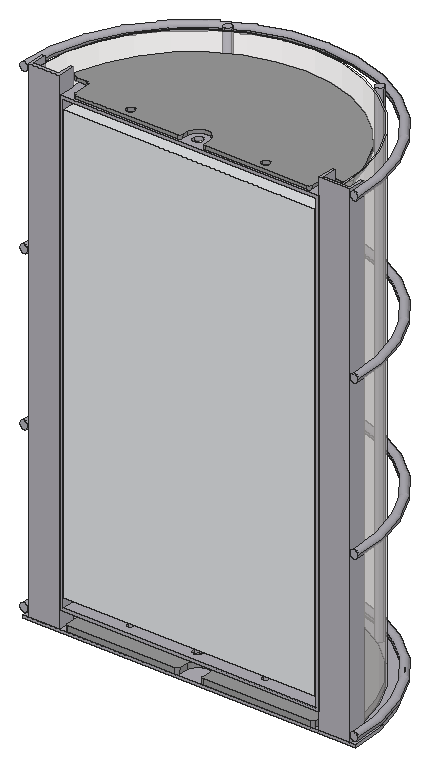
Revit family "Lighting - Lumetta - Sconce - W1304", category Lighting Fixtures, host Wall, Revit 2015
Parameters
  Wattage = 12.1178 W
  W104 URL [instance] = "https://lumetta.com/luminaires/grid-11-sconce/"
  built-in parameter 1150110 = 1 (stored number, unit not read)
  URL = "https://lumetta.com/luminaires/grid-11-sconce/"
  built-in parameter 1114217 = 1 (stored number, unit not read)
  Top Lens-Material [instance] = Acrylic - 2447 - White
  Top Lens [instance] = yes
  built-in parameter 1150109 = 1 (stored number, unit not read)
  built-in parameter 1150134 = (empty or 0)
  built-in parameter 1150113 = 1 (stored number, unit not read)
  Model = "W1304"  # constant formula
  Manufacturer = "Lumetta, Inc."  # constant formula
  Lumens = 1800 lm
  built-in parameter 1150115 = 1 (stored number, unit not read)
  built-in parameter 1150105 = 143.24 (stored number, unit not read)
  Light Source Symbol Size = 0' - 3 1/2"
  built-in parameter 1150137 = (empty or 0)
  built-in parameter 1150139 = (empty or 0)
  built-in parameter 1150112 = 1 (stored number, unit not read)
  built-in parameter 1150114 = 1 (stored number, unit not read)
  built-in parameter 1150132 = 2
  built-in parameter 1150102 = (empty or 0)
  built-in parameter 1150138 = (empty or 0)
  built-in parameter 1150107 = 3000 (stored number, unit not read)
  built-in parameter 1150106 = 1.4324 (stored number, unit not read)
  Frame Finish [instance] = Paint - Lumetta - F02 - PC_Chrome
  built-in parameter 1150104 = 13.8 (stored number, unit not read)
  Dimming Lamp Color Temperature Shift = (empty or 0)
  Diffuser Material [instance] = Shade - Lumetta - D61 - MT_White
  Description = "W1304 Grid 11'' Sconce"  # constant formula
  Color Filter = 16777215
  Bottom Lens-Material [instance] = Acrylic - P95 - Etched White
  Bottom Lens [instance] = yes
  built-in parameter 1114218 = 1 (stored number, unit not read)
  built-in parameter 1150133 = 10 (stored number, unit not read)
Reference planes (in)
  plane 1: y = 0
  plane 2 "Light Source Axis (F/B)": y = 3.6875
  plane 3 "Light Source Axis (L/R)": x = -1.43133
  plane 4 "Light Source Elevation": z = 77.42225
  plane 5 "Sconce-BTM": z = 71.92225
  plane 6 "Sconce-TOP": z = 82.92225
  plane 7 "Wall-Face": y = 3.0625
  plane 8 "BTM-Wire": z = 72.0785
  plane 9 "1st-Wire": z = 75.7035
  plane 10 "2nd-Wire": z = 79.2035
  plane 11 "Top-Wire": z = 82.8285
  plane 12 "Wire Plane": y = 3.1875
Forms (in)
  Extrusion 1, solid, material "Paint - Lumetta - F02 - PC_Chrome" <- "Frame Finish"
    sketch origin (0, 3.0625, 0) x (-1, 0, 0) y (0, 0, 1)
      loop
        line (-1.44367, 82.54427) -> (-1.44367, 72.29725) -> (4.30633, 72.29725) -> (4.30633, 82.54427) -> (-1.44367, 82.54427)
      loop
        line (4.24383, 82.48177) -> (-1.38117, 82.48177) -> (-1.38117, 72.35975) -> (4.24383, 72.35975) -> (4.24383, 82.48177)
    from 0 to 0.6185
  Extrusion 2, void
    sketch origin (0, 0, 82.92225) x (0, 1, 0) y (-1, 0, 0)
      loop
        circle (3.3125, 1.43133) r 0.10937
      loop
        circle (3.3125, -0.06867) r 0.07031
      loop
        circle (3.3125, 2.93133) r 0.07031
    from 0 to -11
  Extrusion 3, solid, material "Paint - Lumetta - F11 - PC_White"
    sketch origin (0, 3.0625, 0) x (-1, 0, 0) y (0, 0, 1)
      loop
        line (-1.35867, 82.27225) -> (-1.35867, 72.57225) -> (4.22133, 72.57225) -> (4.22133, 82.27225) -> (-1.35867, 82.27225)
    from 0 to 0.56902
  Extrusion 4, solid, material "Paint - Lumetta - F02 - PC_Chrome" <- "Frame Finish"
    sketch origin (0, 0, 82.92225) x (0, 1, 0) y (-1, 0, 0)
      loop
        line (3.43691, -1.44367) -> (3.0625, -1.44367) -> (3.0625, -2.13117) -> (3.43691, -2.13117) -> (3.43691, -2.06943) -> (3.12587, -2.06943) -> (3.12587, -1.50617) -> (3.43691, -1.50617) -> (3.43691, -1.44367)
      loop
        line (3.43691, 4.30633) -> (3.43691, 4.36883) -> (3.12587, 4.36883) -> (3.12587, 4.93208) -> (3.43691, 4.93208) -> (3.43691, 4.99383) -> (3.0625, 4.99383) -> (3.0625, 4.30633) -> (3.43691, 4.30633)
    from 0 to -11
  Sweep 5, solid, material "Paint - Lumetta - F02 - PC_Chrome" <- "Frame Finish"
    path origin (0, 0, 82.8285) x (0, 1, 0) y (-1, 0, 0)
      loop
        arc (3.0625, 5.09469) -> (6.853, 1.43133) -> (3.0625, -2.23204) r 3.6655
    profile origin (-1.43133, 6.853, 82.8285) x (0, 1, 0) y (0, 0, 1)
      loop
        circle (0, 0) r 0.0885
  Sweep 6, solid, material "Paint - Lumetta - F02 - PC_Chrome" <- "Frame Finish"
    path origin (0, 0, 79.2035) x (0, 1, 0) y (-1, 0, 0)
      loop
        arc (3.0625, 5.09469) -> (6.853, 1.43133) -> (3.0625, -2.23204) r 3.6655
    profile origin (-1.43133, 6.853, 79.2035) x (0, 1, 0) y (0, 0, 1)
      loop
        circle (0, 0) r 0.0885
  Sweep 7, solid, material "Paint - Lumetta - F02 - PC_Chrome" <- "Frame Finish"
    path origin (0, 0, 75.7035) x (0, 1, 0) y (-1, 0, 0)
      loop
        arc (3.0625, 5.09469) -> (6.853, 1.43133) -> (3.0625, -2.23204) r 3.6655
    profile origin (-1.43133, 6.853, 75.7035) x (0, 1, 0) y (0, 0, 1)
      loop
        circle (0, 0) r 0.0885
  Sweep 8, solid, material "Paint - Lumetta - F02 - PC_Chrome" <- "Frame Finish"
    path origin (0, 0, 72.0785) x (0, 1, 0) y (-1, 0, 0)
      loop
        arc (3.0625, 5.09469) -> (6.853, 1.43133) -> (3.0625, -2.23204) r 3.6655
    profile origin (-1.43133, 6.853, 72.0785) x (0, 1, 0) y (0, 0, 1)
      loop
        circle (0, 0) r 0.0885
  Extrusion 9, solid, material "Paint - Lumetta - F02 - PC_Chrome" <- "Frame Finish"
    sketch origin (0, 0, 71.92225) x (0, 1, 0) y (-1, 0, 0)
      loop
        arc (3.0625, -2.25498) -> (6.84375, 1.43133) -> (3.0625, 5.11763) r 3.6875
        line (3.0625, 5.11763) -> (3.0625, -2.25498)
      loop
        arc (3.87919, -1.67311) -> (6.34375, 1.43133) -> (3.87919, 4.53576) r 3.1875
        arc (3.87919, 4.53576) -> (3.7466, 4.50596) -> (3.6875, 4.38358) r 0.15625
        line (3.6875, 4.38358) -> (3.6875, -1.52093)
        arc (3.6875, -1.52093) -> (3.7466, -1.64331) -> (3.87919, -1.67311) r 0.15625
    from 0 to -0.05914
  Extrusion 10, solid, material "Acrylic - P95 - Etched White" <- "Bottom Lens-Material", visible <- "Bottom Lens"
    sketch origin (0, 0, 71.92225) x (0, 1, 0) y (-1, 0, 0)
      loop
        line (3.3125, 1.18133) -> (3.125, 1.18133)
        arc (3.125, 1.18133) -> (3.08081, 1.16302) -> (3.0625, 1.11883) r 0.0625
        line (3.0625, 1.11883) -> (3.0625, -1.25617)
        arc (3.0625, -1.25617) -> (3.08081, -1.30037) -> (3.125, -1.31867) r 0.0625
        line (3.125, -1.31867) -> (3.5, -1.31867)
        arc (3.5, -1.31867) -> (3.58839, -1.35529) -> (3.625, -1.44367) r 0.125
        line (3.625, -1.44367) -> (3.625, -1.80315)
        arc (3.625, -1.80315) -> (3.64703, -1.85078) -> (3.6976, -1.86483) r 0.0625
        arc (3.6976, -1.86483) -> (6.50625, 1.44114) -> (3.6976, 4.74711) r 3.35
        arc (3.6976, 4.74711) -> (3.64703, 4.73306) -> (3.625, 4.68543) r 0.0625
        line (3.625, 4.68543) -> (3.625, 4.30633)
        arc (3.625, 4.30633) -> (3.58839, 4.21794) -> (3.5, 4.18133) r 0.125
        line (3.5, 4.18133) -> (3.125, 4.18133)
        arc (3.125, 4.18133) -> (3.08081, 4.16302) -> (3.0625, 4.11883) r 0.0625
        line (3.0625, 4.11883) -> (3.0625, 1.74383)
        arc (3.0625, 1.74383) -> (3.08081, 1.69963) -> (3.125, 1.68133) r 0.0625
        line (3.125, 1.68133) -> (3.3125, 1.68133)
        arc (3.3125, 1.68133) -> (3.5625, 1.43133) -> (3.3125, 1.18133) r 0.25
    from 0 to 0.125
  Extrusion 11, solid, material "Acrylic - 2447 - White" <- "Top Lens-Material", visible <- "Top Lens"
    sketch origin (0, 0, 82.92225) x (0, 1, 0) y (-1, 0, 0)
      loop
        line (3.3125, 1.18133) -> (3.1875, 1.18133)
        arc (3.1875, 1.18133) -> (3.14331, 1.16302) -> (3.125, 1.11883) r 0.0625
        line (3.125, 1.11883) -> (3.125, -1.13117)
        arc (3.125, -1.13117) -> (3.14331, -1.17537) -> (3.1875, -1.19367) r 0.0625
        line (3.1875, -1.19367) -> (3.5, -1.19367)
        arc (3.5, -1.19367) -> (3.58839, -1.23029) -> (3.625, -1.31867) r 0.125
        line (3.625, -1.31867) -> (3.625, -1.50933)
        arc (3.625, -1.50933) -> (3.67084, -1.60607) -> (3.77474, -1.63186) r 0.125
        arc (3.77474, -1.63186) -> (6.28125, 1.43133) -> (3.77474, 4.49451) r 3.125
        arc (3.77474, 4.49451) -> (3.67084, 4.46872) -> (3.625, 4.37198) r 0.125
        line (3.625, 4.37198) -> (3.625, 4.18133)
        arc (3.625, 4.18133) -> (3.58839, 4.09294) -> (3.5, 4.05633) r 0.125
        line (3.5, 4.05633) -> (3.1875, 4.05633)
        arc (3.1875, 4.05633) -> (3.14331, 4.03802) -> (3.125, 3.99383) r 0.0625
        line (3.125, 3.99383) -> (3.125, 1.74383)
        arc (3.125, 1.74383) -> (3.14331, 1.69963) -> (3.1875, 1.68133) r 0.0625
        line (3.1875, 1.68133) -> (3.3125, 1.68133)
        arc (3.3125, 1.68133) -> (3.5625, 1.43133) -> (3.3125, 1.18133) r 0.25
      loop
        circle (3.3125, -0.06867) r 0.09375
      loop
        circle (3.3125, 2.93133) r 0.09375
    from -0.37798 to -0.3125
  Extrusion 12, solid, material "Shade - Lumetta - D61 - MT_White" <- "Diffuser Material"
    sketch origin (0, 0, 82.92225) x (0, 1, 0) y (-1, 0, 0)
      loop
        arc (3.12587, -1.94311) -> (6.5625, 1.43133) -> (3.12587, 4.80576) r 3.375
        line (3.12587, 4.80576) -> (3.12587, 4.77451)
        arc (3.12587, 4.77451) -> (6.53125, 1.43133) -> (3.12587, -1.91186) r 3.34375
        line (3.12587, -1.91186) -> (3.12587, -1.94311)
    from 0 to -11
  Extrusion 13, solid, material "Paint - Lumetta - F02 - PC_Chrome" <- "Frame Finish"
    sketch origin (0, 0, 82.92225) x (0, 1, 0) y (-1, 0, 0)
      loop
        circle (6.2425, 3.11883) r 0.0885
      loop
        circle (6.2425, -0.25617) r 0.0885
    from 0 to -11
Cuts and joins
  Extrusion 2 cuts Extrusion 1
Lines and regions (in)
  reference lines
    curve 1: line (-1.43133, 6.1525, 82.92225) -> (-1.43133, 6.1525, 71.92225)
    curve 2: line (-1.43133, 5.3725, 79.2035) -> (-1.43133, 5.3725, 78.9535)
    curve 3: line (-1.43133, 4.5225, 79.2035) -> (-1.43133, 4.5225, 78.9535)
    curve 4: line (-1.43133, 3.4925, 71.92225) -> (-1.43133, 3.4925, 82.92225)
    curve 5: circle (-1.43133, 3.15625, 82.8285) r 0.15 normal (0, 0, 1)
    curve 6: line (-2.96133, 3.0625, 82.92225) -> (-2.96133, 3.0625, 82.67225)
    curve 7: line (0.09867, 3.0625, 71.92225) -> (0.09867, 3.0625, 72.17225)
    curve 8: line (-1.82133, 3.0625, 79.2035) -> (-1.82133, 3.0625, 78.9535)
Text (in)
  text "Placement Side" at (0, 40.15149, 123.01588), in view "Right"
  text "Placement Side" at (-70.3804, 28.46503, 0), in view "Ref. Level"
  text "Placement Side" at (0, 85.69064, 140.59947), in view "Left"
Dimensions and locks (in)
  plane 4 "Light Source Elevation" to plane 6 "Sconce-TOP" = 0' - 5 1/2"
  plane 5 "Sconce-BTM" to plane 4 "Light Source Elevation" = 0' - 5 1/2"  (x2)
  locked: plane 8 "BTM-Wire" to plane 5 "Sconce-BTM" at 0.15625
  locked: plane 11 "Top-Wire" to plane 10 "2nd-Wire" at 3.625
  plane 6 "Sconce-TOP" to plane 4 "Light Source Elevation" = 0' - 5 1/2"
  locked: plane 9 "1st-Wire" to plane 8 "BTM-Wire" at 3.625
  locked: plane 6 "Sconce-TOP" to plane 11 "Top-Wire" at 0.09375
  locked: curve 4 to plane 7 "Wall-Face" at 0.43
  locked: curve 3 to plane 7 "Wall-Face" at 1.46
  locked: curve 2 to plane 7 "Wall-Face" at 2.31
  locked: curve 1 to plane 7 "Wall-Face" at 3.09
  locked: curve 5 to plane 7 "Wall-Face" at 0.09375
  locked: curve 5 to plane 3 "Light Source Axis (L/R)" at 0
  locked: plane 3 "Light Source Axis (L/R)" to curve 6 at 1.53
  locked: plane 3 "Light Source Axis (L/R)" to curve 7 at 1.53
  locked: plane 3 "Light Source Axis (L/R)" to curve 8 at 0.39
  locked: plane 3 "Light Source Axis (L/R)" to Extrusion 1 sketch curve at 2.875  (x2)
  plane 4 "Light Source Elevation" to Extrusion 1 sketch curve = 0' - 5.12202"
  locked: Extrusion 1 sketch curve to plane 4 "Light Source Elevation" at 5.125
  locked: Extrusion 1 sketch curve to Extrusion 1 sketch curve at 0.0625  (x4)
  locked: Extrusion 1 to Extrusion 1 at 0.6185
  locked: plane 7 "Wall-Face" to plane 2 "Light Source Axis (F/B)" at 0.625
  locked: Extrusion 2 sketch curve to plane 7 "Wall-Face" at 0.25  (x3)
  locked: plane 3 "Light Source Axis (L/R)" to Extrusion 2 sketch curve at 1.5
  locked: Extrusion 2 sketch curve to plane 3 "Light Source Axis (L/R)" at 0
  locked: Extrusion 2 sketch curve to plane 3 "Light Source Axis (L/R)" at 1.5
  locked: plane 3 "Light Source Axis (L/R)" to Extrusion 3 sketch curve at 2.79
  locked: Extrusion 3 sketch curve to plane 3 "Light Source Axis (L/R)" at 2.79
  locked: plane 4 "Light Source Elevation" to Extrusion 3 sketch curve at 4.85
  locked: Extrusion 3 sketch curve to plane 4 "Light Source Elevation" at 4.85
  locked: Extrusion 3 to cut or joined group of Extrusion 1, Extrusion 2 at 0.56902
  locked: Extrusion 4 sketch curve to Extrusion 4 sketch curve at 0.0625  (x3)
  locked: Extrusion 4 sketch curve to Extrusion 4 sketch curve at 0.06174  (x3)
  locked: Extrusion 4 sketch curve to Extrusion 4 sketch curve at 0.06337  (x3)
  locked: Extrusion 4 sketch curve to Extrusion 4 sketch curve at 0.37441  (x4)
  locked: Extrusion 4 sketch curve to Extrusion 4 sketch curve at 0.6875  (x3)
  locked: cut or joined group of Extrusion 1, Extrusion 2 to Extrusion 4 sketch curve at 0  (x2)
  locked: Extrusion 4 sketch curve to plane 7 "Wall-Face" at 0  (x2)
  locked: plane 7 "Wall-Face" to plane 12 "Wire Plane" at 0.125
  locked: Sweep 5 sketch curve to plane 12 "Wire Plane" at 0
  locked: Sweep 6 sketch curve to plane 12 "Wire Plane" at 0
  locked: Sweep 7 sketch curve to plane 12 "Wire Plane" at 0
  locked: Sweep 8 sketch curve to plane 12 "Wire Plane" at 0
  locked: Extrusion 9 sketch curve to plane 7 "Wall-Face" at 0.09375
  locked: Extrusion 9 sketch curve to plane 7 "Wall-Face" at 0
  locked: Extrusion 9 sketch curve to Extrusion 9 sketch curve at 0.625
  locked: Extrusion 9 to plane 5 "Sconce-BTM" at 0.05914
  plane 3 "Light Source Axis (L/R)" to Extrusion 10 sketch curve = 0' - 2 3/4"
  Extrusion 10 sketch curve to plane 3 "Light Source Axis (L/R)" = 0' - 2 3/4"
  locked: Extrusion 10 sketch curve to plane 7 "Wall-Face" at 0  (x2)
  locked: Extrusion 10 sketch curve to Extrusion 10 sketch curve at 0.5625  (x2)
  plane 5 "Sconce-BTM" to Extrusion 10 = 0' - 0 1/8"
  Extrusion 10 sketch curve to Extrusion 10 sketch curve = 0' - 0 3/32"
  locked: Extrusion 10 sketch curve to plane 7 "Wall-Face" at 0.25
  locked: Extrusion 9 to Extrusion 10 at 0.125
  locked: Extrusion 11 sketch curve to Extrusion 11 sketch curve at 0.1875
  locked: Extrusion 11 sketch curve to Extrusion 11 sketch curve at 0.5  (x2)
  locked: plane 3 "Light Source Axis (L/R)" to Extrusion 11 sketch curve at 2.625
  locked: Extrusion 11 sketch curve to plane 3 "Light Source Axis (L/R)" at 2.625
  locked: Extrusion 11 sketch curve to plane 3 "Light Source Axis (L/R)" at 1.5
  locked: plane 3 "Light Source Axis (L/R)" to Extrusion 11 sketch curve at 1.5
  locked: cut or joined group of Extrusion 1, Extrusion 2 to Extrusion 11 sketch curve at 0.25  (x2)
  locked: Extrusion 11 to Extrusion 11 at 0.06548
  locked: plane 7 "Wall-Face" to Extrusion 11 sketch curve at 0.0625
  locked: host wall to Extrusion 11 sketch curve at 0.0625
  locked: Extrusion 11 sketch curve to plane 7 "Wall-Face" at 0.09375
  locked: Extrusion 12 sketch curve to plane 7 "Wall-Face" at 0.125  (x2)
  locked: plane 7 "Wall-Face" to Extrusion 12 sketch curve at 0.06337  (x2)
  locked: Extrusion 13 sketch curve to plane 3 "Light Source Axis (L/R)" at 1.6875
  locked: plane 3 "Light Source Axis (L/R)" to Extrusion 13 sketch curve at 1.6875
  locked: Extrusion 13 sketch curve to plane 7 "Wall-Face" at 3.18  (x2)
  radius of Sweep 5 sketch curve = 0' - 3.6655"
  radius of Sweep 6 sketch curve = 0' - 3.6655"
  radius of Sweep 7 sketch curve = 0' - 3.6655"
  radius of Sweep 8 sketch curve = 0' - 3.6655"
  aligned: level to host wall
  aligned and locked: plane 3 "Light Source Axis (L/R)" to imposter light
  aligned and locked: plane 2 "Light Source Axis (F/B)" to imposter light
  aligned and locked: plane 4 "Light Source Elevation" to imposter light
  aligned and locked: host wall to plane 7 "Wall-Face"
  aligned and locked: Extrusion 1 to host wall
  aligned and locked: Extrusion 2 to plane 5 "Sconce-BTM"
  aligned and locked: plane 6 "Sconce-TOP" to Extrusion 2
  aligned and locked: Extrusion 3 to host wall
  aligned and locked: Extrusion 4 to plane 5 "Sconce-BTM"
  aligned and locked: plane 6 "Sconce-TOP" to Extrusion 4
  aligned and locked: host wall to Sweep 5 sketch curve  (x2)
  aligned and locked: Extrusion 10 to plane 5 "Sconce-BTM"
  aligned and locked: Extrusion 11 to cut or joined group of Extrusion 1, Extrusion 2
  aligned and locked: Extrusion 12 to plane 5 "Sconce-BTM"
  aligned and locked: plane 6 "Sconce-TOP" to Extrusion 12
  aligned and locked: Extrusion 13 to plane 5 "Sconce-BTM"
  aligned and locked: plane 6 "Sconce-TOP" to Extrusion 13
